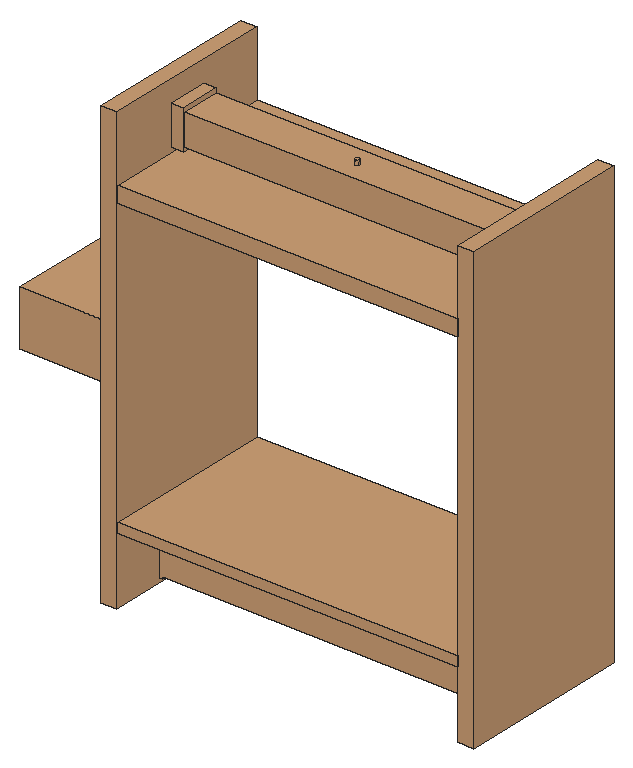
Revit family
Parameters
  Center of Unit = 0' - 0"  # constant formula
  Total Heating Capacity [instance] = 0.0 Btu/h
  Series = "VIFB"
  Outlet Area = 10.70 SF
  Lower Frame Thickness = if(Headers Height = 0' 3", 0' 1 1/4", if(Headers Height = 0' 3 1/4", 0' 1 1/4", 0' 0"))  # 0' - 1 1/4"
  Water Pressure Drop [instance] = 0.00 psi
  Water Flow [instance] = 0 GPM
  Unit Weight (lbs) = 508
  URL = "http://www.ljwing.com/"
  Water Outlet Radius = 0' - 1 1/2"
  Headers Height = if(M = 0' 1", 0' 3", if(M = 0' 1 1/2", 0' 3 1/4", 0' 0"))  # 0' - 3"
  Number of Rows = 2  # constant formula
  Number of Coils [instance] = 0
  Nominal Length = 3' - 10 7/8"
  N = 1' - 0 3/4"
  Model = "VB-4W"
  Manufacturer = "LJ Wing"
  M = 0' - 1"
  Leaving Water Temperature [instance] = 0 °F
  Leaving Air Temperature [instance] = 0 °F
  Entering Water Temperature [instance] = 0 °F
  Entering Air Temperature [instance] = 0 °F
  Description = "Vertical Integral Face & Bypass Water Heating Coils"
  Hot Water Inlet  Radius = 0' - 1 1/2"
  Coil Face Area = Outlet Area * 0.56  # 5.992 SF
  Casing Material = ""
  Assembly Code = "D3020300"
  Air Vent Radius = 0' - 0 1/4"
  Air Pressure Drop [instance] = 0.00 in-wg
  Air Inlet Width = Nominal Length - 0' 4"  # 3' - 6 7/8"
  Air Inlet Height = Y  # 3' - 0"
  Air Flow [instance] = 0 CFM
  Y = 3' - 0"
  S = 0' - 9 3/4"  # constant formula
  Product URL = "http://www.ljwing.com/html/vifb.asp"
  OmniClass = "23-75 70 21 14 "
  Nominal Height = 4' - 8"
  Nominal Depth = 1' - 10"
  R = 0' - 10 1/4"  # constant formula
  Q = 0' - 5 7/16"
Reference planes (in)
  plane 1 "Center (Front/Back)": y = 0
  plane 2: z = -18
  plane 3 "Center (Left/Right)": x = 0
  plane 4: z = 28.25
  plane 5: x = -23.4375
  plane 6: x = 23.4375
  plane 7: z = -27.75
  plane 8: z = 0
  plane 9: y = -11
  plane 10: y = 11
  plane 11: z = 18
  plane 12: z = 20
  plane 13: z = -19.25
  plane 14: x = 21.4375
  plane 15: x = -21.4375
  plane 16: x = -18
  plane 17: x = 18
  plane 18: y = 14.0625
  plane 19: x = -34.4375
  plane 20: z = 25.125
  plane 21: z = 21.125
  plane 22: y = -2.5
  plane 23: y = 2.5
  plane 24: y = -4.5
  plane 25: z = -25.375
  plane 26: x = -10.6875
  plane 27: x = 10.6875
  plane 28: z = -21.375
Forms (in)
  Extrusion 1, solid, material "Painted Finish"
    sketch origin (0, 6, -9.75) x (1, 0, 0) y (0, 0, 1)
      loop
        line (-23.4375, -18) -> (-21.4375, -18) -> (-21.4375, 38) -> (-23.4375, 38) -> (-23.4375, -18)
      loop
        line (23.4375, -18) -> (23.4375, 38) -> (21.4375, 38) -> (21.4375, -18) -> (23.4375, -18)
    from -5 to 17
  Extrusion 2, solid, material "Painted Finish"
    sketch origin (0, 6, 0) x (1, 0, 0) y (0, 0, 1)
      loop
        line (21.4375, -18) -> (-21.4375, -18) -> (-21.4375, -19.25) -> (21.4375, -19.25) -> (21.4375, -18)
      loop
        line (21.4375, 18) -> (21.4375, 20) -> (-21.4375, 20) -> (-21.4375, 18) -> (21.4375, 18)
    from -5 to 17
  Extrusion 3, solid, material "Painted Finish"
    sketch origin (0, 10, -0.5) x (1, 0, 0) y (0, 0, 1)
      loop
        line (-23.4375, 4) -> (-34.4375, 4) -> (-34.4375, -3) -> (-23.4375, -3) -> (-23.4375, 4)
    from 0 to 20
  Extrusion 4, solid, material "Painted Finish"
    sketch origin (0, 6, 0) x (1, 0, 0) y (0, 0, 1)
      loop
        line (-19.8125, 25.125) -> (-19.8125, 21.125) -> (19.8125, 21.125) -> (19.8125, 25.125) -> (-19.8125, 25.125)
    from 3.5 to 8.5
  Extrusion 5, solid, material "Painted Finish"
    sketch origin (0, 0, 0) x (1, 0, 0) y (0, 0, 1)
      loop
        line (-19.8125, 20.625) -> (-19.8125, 25.625) -> (-21.4375, 25.625) -> (-21.4375, 20.625) -> (-19.8125, 20.625)
      loop
        line (21.4375, 20.625) -> (21.4375, 25.625) -> (19.8125, 25.625) -> (19.8125, 20.625) -> (21.4375, 20.625)
    from -2.5 to 2.5
  Extrusion 6, solid, material "Painted Finish"
    sketch origin (0, 6, 0) x (1, 0, 0) y (0, 0, 1)
      loop
        line (-20.9375, -19.875) -> (-20.9375, -19.625) -> (-21.4375, -19.625) -> (-21.4375, -23.125) -> (-20.9375, -23.125) -> (-20.9375, -22.875) -> (20.9375, -22.875) -> (20.9375, -23.125) -> (21.4375, -23.125) -> (21.4375, -19.625) -> (20.9375, -19.625) -> (20.9375, -19.875) -> (-20.9375, -19.875)
      loop
        line (20.9375, -26.875) -> (20.9375, -27.125) -> (21.4375, -27.125) -> (21.4375, -23.625) -> (20.9375, -23.625) -> (20.9375, -23.875) -> (-20.9375, -23.875) -> (-20.9375, -23.625) -> (-21.4375, -23.625) -> (-21.4375, -27.125) -> (-20.9375, -27.125) -> (-20.9375, -26.875) -> (20.9375, -26.875)
    from -5 to 10.5
  Extrusion 7, void
    sketch origin (0, 0, 0) x (1, 0, 0) y (0, 0, 1)
      loop
        line (-21.4375, 18) -> (-21.4375, -18) -> (21.4375, -18) -> (21.4375, 18) -> (-21.4375, 18)
    from -11 to 11
  Extrusion 8, solid, material "Painted Finish"
    sketch origin (0, 0, 0) x (1, 0, 0) y (0, 0, 1)
      loop
        circle (10.6875, -25.375) r 1
      loop
        circle (-10.6875, -21.375) r 1
    from -14.0625 to -11
  Extrusion 9, solid, material "Painted Finish"
    sketch origin (0, 0, 0) x (1, 0, 0) y (0, 1, 0)
      loop
        circle (0, 0) r 0.25
    from 25.125 to 25.625
Cuts and joins
  Extrusion 7 cuts Extrusion 1
  Extrusion 7 cuts Extrusion 2
Dimensions and locks (in)
  "Nominal Length": plane 6 to plane 5
  equal spacing: plane 6, plane 3 "Center (Left/Right)", plane 5
  "S": plane 2 to plane 7
  "Nominal Depth": plane 10 to plane 9
  equal spacing: plane 10, plane 1 "Center (Front/Back)", plane 9
  "Y": plane 11 to plane 2
  "R": plane 4 to plane 11
  locked: plane 12 to plane 11 at 2
  "Lower Frame Thickness": plane 2 to plane 13
  "Q": plane 16 to plane 5
  "Q": plane 6 to plane 17
  locked: plane 18 to plane 10 at 3.0625
  locked: plane 5 to plane 19 at 11
  locked: Extrusion 3 sketch curve to Extrusion 3 sketch curve at 7
  locked: Extrusion 3 to Extrusion 3 at 20
  locked: plane 6 to plane 14 at 2
  locked: plane 15 to plane 5 at 2
  locked: Extrusion 5 sketch curve to plane 20 at 0.5
  locked: plane 21 to Extrusion 5 sketch curve at 0.5
  locked: plane 20 to plane 21 at 4
  locked: plane 23 to plane 22 at 5
  equal spacing: plane 23, plane 1 "Center (Front/Back)", plane 22
  locked: plane 22 to plane 24 at 2
  plane 4 to plane 7 = 4' - 8"
  locked: Extrusion 5 sketch curve to Extrusion 1 at 1.625
  locked: Extrusion 5 sketch curve to Extrusion 5 sketch curve at 1.625
  locked: Extrusion 7 sketch curve to plane 11 at 0
  locked: Extrusion 7 sketch curve to plane 15 at 0
  locked: Extrusion 7 sketch curve to plane 14 at 0
  locked: plane 15 to Extrusion 6 sketch curve at 0.5
  locked: Extrusion 6 sketch curve to Extrusion 6 sketch curve at 0.25  (x2)
  locked: plane 25 to plane 7 at 2.375
  "N": plane 26 to plane 5
  "N": plane 6 to plane 27
  locked: plane 28 to plane 7 at 6.375
  "Headers Height": Extrusion 6 sketch curve to Extrusion 6 sketch curve  (x2)
  locked: Extrusion 8 sketch curve to plane 25 at 0
  locked: Extrusion 8 sketch curve to plane 28 at 0
  locked: Extrusion 9 sketch curve to plane 1 "Center (Front/Back)" at 0
  locked: Extrusion 9 sketch curve to plane 3 "Center (Left/Right)" at 0
  equal spacing: Extrusion 6 sketch curve, plane 28, Extrusion 6 sketch curve
  equal spacing: Extrusion 6 sketch curve, plane 25, Extrusion 6 sketch curve
  locked: plane 4 to plane 20 at 3.125
  locked: Extrusion 7 sketch curve to plane 2 at 0
  equal spacing: plane 11, plane 8, plane 2
  locked: Extrusion 8 sketch curve to plane 27 at 0
  locked: Extrusion 8 sketch curve to plane 26 at 0
  "M": radius of Extrusion 8 sketch curve  (x2)
  "Air Vent Radius": radius of Extrusion 9 sketch curve
  aligned and locked: Extrusion 1 to plane 9
  aligned and locked: Extrusion 1 to plane 10
  aligned and locked: plane 15 to Extrusion 1
  aligned and locked: Extrusion 1 to plane 14
  aligned and locked: plane 9 to Extrusion 2
  aligned and locked: plane 9 to Extrusion 1
  aligned and locked: plane 10 to Extrusion 1  (x2)
  aligned and locked: Extrusion 2 to plane 10
  aligned and locked: plane 10 to Extrusion 2  (x2)
  aligned and locked: Extrusion 2 to plane 9  (x2)
  aligned and locked: plane 5 to Extrusion 3
  aligned and locked: Extrusion 5 sketch curve to plane 15
  aligned and locked: Extrusion 5 sketch curve to Extrusion 4
  aligned and locked: Extrusion 1 to Extrusion 6
  aligned and locked: plane 22 to Extrusion 5
  aligned and locked: Extrusion 5 to Extrusion 4  (x2)
  aligned and locked: Extrusion 5 to plane 23
  aligned and locked: Extrusion 6 to plane 24
  aligned and locked: Extrusion 4 to Extrusion 5  (x2)
  aligned and locked: Extrusion 5 to Extrusion 1  (x2)
  aligned and locked: Extrusion 1 to Extrusion 7  (x2)
  aligned and locked: Extrusion 8 to plane 18
  aligned and locked: Extrusion 8 to plane 10
  aligned and locked: plane 20 to Extrusion 9
  aligned and locked: Extrusion 9 to Extrusion 5
  aligned and locked: plane 2 to cut or joined group of Extrusion 2, Extrusion 7
  aligned and locked: plane 6 to Extrusion 1 sketch curve
  aligned and locked: plane 14 to Extrusion 1 sketch curve
  aligned and locked: Extrusion 1 sketch curve to plane 15
  aligned and locked: Extrusion 1 sketch curve to plane 5
  aligned and locked: Extrusion 1 sketch curve to plane 4  (x2)
  aligned and locked: plane 7 to Extrusion 1 sketch curve  (x2)
  aligned and locked: Extrusion 2 sketch curve to plane 11
  aligned and locked: Extrusion 2 sketch curve to plane 12
  aligned and locked: plane 2 to Extrusion 2 sketch curve
  aligned and locked: Extrusion 2 sketch curve to plane 13
  aligned and locked: Extrusion 2 sketch curve to plane 14  (x2)
  aligned and locked: Extrusion 2 sketch curve to plane 15  (x2)
  aligned and locked: plane 20 to Extrusion 4 sketch curve
  aligned and locked: Extrusion 4 sketch curve to plane 21
  aligned and locked: Extrusion 6 sketch curve to plane 14  (x2)
  aligned and locked: plane 15 to Extrusion 6 sketch curve  (x2)
Automatic sketch dimensions
  Extrusion 3 sketch curve to plane 19 = 0' - 0"
  Extrusion 3 sketch curve to plane 5 = 0' - 0"
  plane 8 to Extrusion 3 sketch curve = 0' - 3 1/2"
  Extrusion 4 sketch curve to plane 16 = 0' - 1 13/16"
  plane 17 to Extrusion 4 sketch curve = 0' - 1 13/16"
  plane 21 to Extrusion 5 sketch curve = 0' - 0 1/2"
  Extrusion 5 sketch curve to plane 20 = 0' - 0 1/2"
  plane 15 to Extrusion 6 sketch curve = 0' - 0 1/2"  (x2)
  Extrusion 6 sketch curve to Extrusion 6 sketch curve = 0' - 0 1/4"  (x5)
  Extrusion 6 sketch curve to Extrusion 6 sketch curve = 0' - 0"  (x2)
  Extrusion 6 sketch curve to plane 14 = 0' - 0 1/2"  (x2)
  Extrusion 6 sketch curve to Extrusion 6 sketch curve = 0' - 0 1/2"
  Extrusion 6 sketch curve to plane 7 = 0' - 0 5/8"
Connectors (in)
  hvac at (0, -11, 0), driven by "Air Inlet Height", driven by "Air Inlet Width", driven by "Air Flow", driven by "Air Pressure Drop"
    settings: on Extrusion 7, index 1
  hvac at (0, 11, 0), driven by "Air Pressure Drop", driven by "Air Inlet Height", driven by "Air Inlet Width", driven by "Air Flow"
    settings: on Extrusion 7, index 2
  piping at (-10.6875, 14.0625, -21.375), driven by "M", driven by "Water Flow", driven by "Water Pressure Drop"
    settings: on Extrusion 8, index 4
  piping at (10.6875, 14.0625, -25.375), driven by "Water Pressure Drop", driven by "Water Flow", driven by "M"
    settings: on Extrusion 8, index 5
